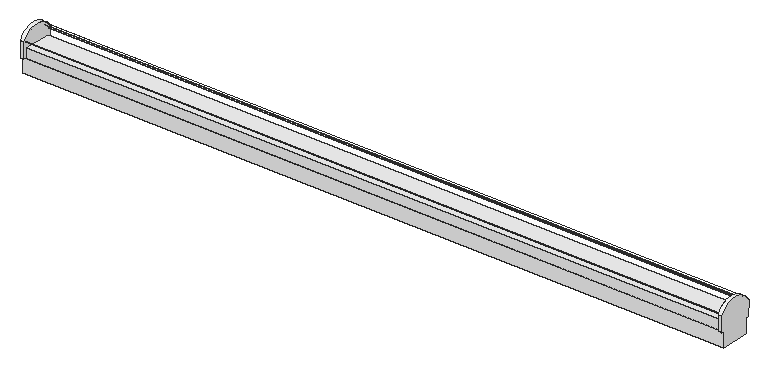
Revit family "CSL", category Lighting Fixtures, host Face, Revit 2021
Family settings
  Host = Face
  Round Connector Dimension = Use Diameter
  Part Type = Normal
  OmniClass Number = 23.80.70.11
  OmniClass Title = Luminaries for Internal Lighting
  Cut with Voids When Loaded = No
  Light Source = Yes
  Shared = No
  Room Calculation Point = No
Parameters (values of type "CSL4-4035")
  Warranty = "Five Year Warranty"  # constant formula
  Power Factor = 1
  Mounting = "Surface mount on wall or ceiling"  # constant formula
  Wattage = 40.2 W
  built-in parameter 1150110 = 1 (stored number, unit not read)
  Voltage = 120 V
  Wattage Comments = "40.2W-80.5W"  # constant formula
  URL = "https://www.currentlighting.com/columbia"
  built-in parameter 1114217 = 1 (stored number, unit not read)
  Tilt Angle = -90.00°
  built-in parameter 1150109 = 1 (stored number, unit not read)
  built-in parameter 1150134 = (empty or 0)
  built-in parameter 1150113 = 1 (stored number, unit not read)
  Product Page URL = ""
  Product Documentation Link = ""
  Photometric Web File = "generic.ies"
  Watts = 40.2 W
  Model = "CSL4"
  Manufacturer = "Columbia Lighting"  # constant formula
  Row Length = 4' - 0"
  built-in parameter 1150105 = 335.8 (stored number, unit not read)
  Lumens = 4221 lm
  built-in parameter 1150115 = 1 (stored number, unit not read)
  Load Classification = Lighting
  built-in parameter 1150137 = (empty or 0)
  built-in parameter 1150139 = (empty or 0)
  built-in parameter 1150112 = 1 (stored number, unit not read)
  built-in parameter 1150114 = 1 (stored number, unit not read)
  Lamp = "LED Lamp"  # constant formula
  built-in parameter 1150132 = (empty or 0)
  built-in parameter 1150102 = (empty or 0)
  built-in parameter 1150107 = 3500 (stored number, unit not read)
  built-in parameter 1150138 = (empty or 0)
  built-in parameter 1150106 = 3.358 (stored number, unit not read)
  Glass = White Glass
  Emit from Rectangle Width = 0' - 2 1/4"  # constant formula
  Emit from Rectangle Length = Row Length - 0' 0 1/2"  # 3' - 11 1/2"
  Emit Shape Visible in Rendering = no
  built-in parameter 1150104 = 9.7548 (stored number, unit not read)
  Dimming Lamp Color Temperature Shift = <None>
  Dimming = "0-10V"  # constant formula
  Description = "LED Striplight"  # constant formula
  Default Elevation = 4' - 0"
  Color Filter = 16777215
  built-in parameter 1114218 = 1 (stored number, unit not read)
  Backbox = White
  built-in parameter 1150133 = 10 (stored number, unit not read)
  Apparent Load = Watts / Power Factor  # 40.2 VA
Types (5): name | Wattage | built-in parameter 1150134 | Watts | Row Length | built-in parameter 1150105 | Lumens | built-in parameter 1150107 | built-in parameter 1150106 | Emit from Rectangle Length | built-in parameter 1150104 | Apparent Load
  (no name) | 40.2 W | (empty or 0) | 40.2 W | 4' - 0" | 335.8 (stored number, unit not read) | 4221 lm | 3500 (stored number, unit not read) | 3.358 (stored number, unit not read) | 3' - 11 1/2" | 9.7548 (stored number, unit not read) | 40.2 VA
  CSL4-4035 | 40.2 W | (empty or 0) | 40.2 W | 4' - 0" | 335.8 (stored number, unit not read) | 4221 lm | 3500 (stored number, unit not read) | 3.358 (stored number, unit not read) | 3' - 11 1/2" | 9.7548 (stored number, unit not read) | 40.2 VA
  CSL4-4040 | 40.2 W | 12 | 40.2 W | 4' - 0" | 358.19 (stored number, unit not read) | 4502.4 lm | 4000 (stored number, unit not read) | 3.5819 (stored number, unit not read) | 3' - 11 1/2" | 10.405 (stored number, unit not read) | 40.2 VA
  CSL8-8035 | 80.5 W | (empty or 0) | 80.5 W | 8' - 0" | 672.43 (stored number, unit not read) | 8452.5 lm | 3500 (stored number, unit not read) | 6.7243 (stored number, unit not read) | 7' - 11 1/2" | 9.7548 (stored number, unit not read) | 80.5 VA
  CSL8-8040 | 80.5 W | 12 | 80.5 W | 8' - 0" | 717.26 (stored number, unit not read) | 9016 lm | 4000 (stored number, unit not read) | 7.1726 (stored number, unit not read) | 7' - 11 1/2" | 10.405 (stored number, unit not read) | 80.5 VA
Reference planes (in)
  plane 1 "Center (Front/Back)": y = 0.03999
  plane 2: z = 0
  plane 3 "Center (Left/Right)": x = 1.66944
  plane 4: x = -22.33056
  plane 5: x = 25.66944
Dimensions and locks (in)
  equal spacing: plane 5, plane 3 "Center (Left/Right)", plane 4
  "Row Length": plane 5 to plane 4
  aligned and locked: plane 2 to host face
  aligned and locked: level to host face
  aligned and locked: plane 3 "Center (Left/Right)" to imposter light
  aligned and locked: imposter light to plane 1 "Center (Front/Back)"
  aligned and locked: plane 3 "Center (Left/Right)" to nested 1
  aligned and locked: plane 1 "Center (Front/Back)" to nested 1
  aligned and locked: imposter light to nested 1
Automatic sketch dimensions
  host sketch curve to host sketch curve = 8' - 0"  (x2)
Nested families (in)
  nested 1: "CSL Striplight" at (3.71711, 0, 0), Glass <- "Glass", Backbox <- "Backbox", Row Length <- "Row Length", type "CSL Striplight"
    with Row Length 4' - 0", Glass White Glass, Backbox White
Connectors (in)
  electrical at (1.66944, 0.03999, 0), driven by "Voltage", driven by "Apparent Load", driven by "Load Classification", driven by "Power Factor"
    settings: on nested 1, index 1, voltage 120 V, apparent load 40.2 VA, apparent load phase1 0 VA, apparent load phase2 0 VA, apparent load phase3 0 VA, power factor 1, load classification "Lighting", number of poles 1, system type 30, power factor state 1, is connector primary yes, connector utility no, sub classification motor no, connector description "Lighting Connector"
Definition of nested family "CSL Striplight"
  Parameters
    Wattage Comments = ""
    URL = ""
    Row Length [instance] = 8' - 0"
    Product Page URL = ""
    Product Documentation Link = ""
    Model = ""
    Manufacturer Phone = ""
    Manufacturer Fax = ""
    Manufacturer = ""
    Lamp = ""
    Glass [instance] = none
    Description = ""
    Default Elevation = 4' - 0"
    Backbox [instance] = none
  Reference planes (in)
    plane 1 "Center (Front/Back)": y = 0.03999
    plane 2: z = 0
    plane 3 "Center (Left/Right)": x = -2.04767
    plane 4: x = -50.04767
    plane 5: x = 45.95233
    plane 6: x = -49.79767
    plane 7: x = 45.70233
    plane 8: z = 2.6875
    plane 9: y = 0.97749
    plane 10: y = -0.89751
    plane 11: y = 1.16499
    plane 12: y = -1.08501
    plane 13: z = 1
    plane 14: z = 1.6
  Forms (in)
    Extrusion 1, solid
      sketch origin (0, 0, 0.06357) x (1, 0, 0) y (0, 1, 0)
        loop
          line (-48, 48) -> (-48, -48) -> (48, -48) -> (48, 48) -> (-48, 48)
      from -0.06357 to -17.74365
    Extrusion 2, solid, material <- "Backbox"
      sketch origin (-2.04767, 0, 0) x (0, 1, 0) y (0, 0, 1)
        loop
          line (1.16499, 1) -> (1.16499, 2.0314)
          arc (1.16499, 2.0314) -> (0.03999, 2.6875) -> (-1.08501, 2.0314) r 1.29256
          line (-1.08501, 2.0314) -> (-1.08501, 1) -> (-0.89751, 1) -> (-0.89751, 0) -> (0.97749, 0) -> (0.97749, 1) -> (1.16499, 1)
      from 47.75 to 48
    Extrusion 3, solid, material <- "Backbox"
      sketch origin (-2.04767, 0, 0) x (0, 1, 0) y (0, 0, 1)
        loop
          arc (1.16499, 2.0314) -> (0.03999, 2.6875) -> (-1.08501, 2.0314) r 1.29256
          line (-1.08501, 2.0314) -> (-1.08501, 1) -> (-0.89751, 1) -> (-0.89751, 0) -> (0.97749, 0) -> (0.97749, 1) -> (1.16499, 1) -> (1.16499, 2.0314)
      from -48 to -47.75
    Extrusion 4, solid, material <- "Backbox"
      sketch origin (-2.04767, 0, 0) x (0, 1, 0) y (0, 0, 1)
        loop
          line (0.97749, 1.6) -> (-0.89751, 1.6) -> (-0.89751, 0) -> (0.97749, 0) -> (0.97749, 1.6)
      from -47.75 to 47.75
    Extrusion 5, solid, material <- "Glass"
      sketch origin (-2.04767, 0, 0) x (0, 1, 0) y (0, 0, 1)
        loop
          line (0.97749, 1) -> (1.12749, 1) -> (1.12749, 2.02045)
          arc (1.12749, 2.02045) -> (0.03999, 2.6495) -> (-1.04751, 2.02045) r 1.25456
          line (-1.04751, 2.02045) -> (-1.04751, 1) -> (-0.89751, 1) -> (-0.89751, 1.97901)
          arc (-0.89751, 1.97901) -> (0.03999, 2.4995) -> (0.97749, 1.97901) r 1.10456
          line (0.97749, 1.97901) -> (0.97749, 1)
      from -47.75 to 47.75
  Cuts and joins
    joined: Extrusion 2, Extrusion 3, Extrusion 4
  Dimensions and locks (in)
    equal spacing: plane 5, plane 3 "Center (Left/Right)", plane 4
    locked: plane 6 to plane 4 at 0.25
    "Row Length": plane 5 to plane 4
    equal spacing: plane 7, plane 3 "Center (Left/Right)", plane 6
    plane 8 to plane 2 = 0' - 2 11/16"
    equal spacing: plane 11, plane 1 "Center (Front/Back)", plane 12
    plane 11 to plane 12 = 0' - 2 1/4"
    plane 11 to plane 1 "Center (Front/Back)" = 0' - 1 1/8"
    plane 13 to plane 2 = 0' - 1"
    plane 14 to plane 2 = 0' - 1.6"
    Extrusion 2 sketch curve to Extrusion 1 = 0' - 2.0314"  (x2)
    locked: plane 11 to plane 9 at 0.1875
    locked: plane 10 to plane 12 at 0.1875
    aligned and locked: plane 2 to Extrusion 1
    aligned and locked: level to Extrusion 1
    aligned and locked: Extrusion 2 sketch curve to plane 2
    aligned and locked: Extrusion 2 sketch curve to plane 9
    aligned and locked: Extrusion 2 sketch curve to plane 13  (x2)
    aligned and locked: plane 12 to Extrusion 2 sketch curve
    aligned and locked: plane 10 to Extrusion 2 sketch curve
    aligned and locked: plane 5 to Extrusion 2
    aligned and locked: Extrusion 2 to plane 7
    aligned and locked: Extrusion 3 sketch curve to Extrusion 2  (x7)
    aligned and locked: Extrusion 3 to plane 4
    aligned and locked: plane 6 to Extrusion 3
    aligned and locked: plane 14 to Extrusion 4 sketch curve
    aligned and locked: Extrusion 4 sketch curve to plane 9
    aligned and locked: Extrusion 4 sketch curve to Extrusion 2  (x2)
    aligned and locked: Extrusion 4 to plane 6
    aligned and locked: plane 7 to Extrusion 4
    aligned and locked: plane 7 to Extrusion 5
    aligned and locked: Extrusion 5 to plane 6
  Automatic sketch dimensions
    Extrusion 1 sketch curve to Extrusion 1 sketch curve = 8' - 0"  (x2)
    Extrusion 3 sketch curve to plane 1 "Center (Front/Back)" = 0' - 0"
    plane 14 to Extrusion 3 sketch curve = 0' - 0.4314"
    Extrusion 3 sketch curve to plane 14 = 0' - 0.20506"
    Extrusion 5 sketch curve to plane 10 = 0' - 0"
    Extrusion 5 sketch curve to plane 9 = 0' - 0"
    Extrusion 5 sketch curve to plane 13 = 0' - 0"  (x2)
    Extrusion 5 sketch curve to plane 14 = 0' - 0.20506"
    Extrusion 2 sketch curve to plane 11 = 0' - 0"
    Extrusion 2 sketch curve to plane 14 = 0' - 0.20506"
    Extrusion 5 sketch curve to Extrusion 5 sketch curve = 0' - 0.04143"
    plane 11 to Extrusion 5 sketch curve = 0' - 0.0375"
    plane 14 to Extrusion 5 sketch curve = 0' - 0.37901"  (x2)
    Extrusion 5 sketch curve to plane 12 = 0' - 0.0375"
    Extrusion 5 sketch curve to Extrusion 5 sketch curve = 0' - 0"  (x2)
